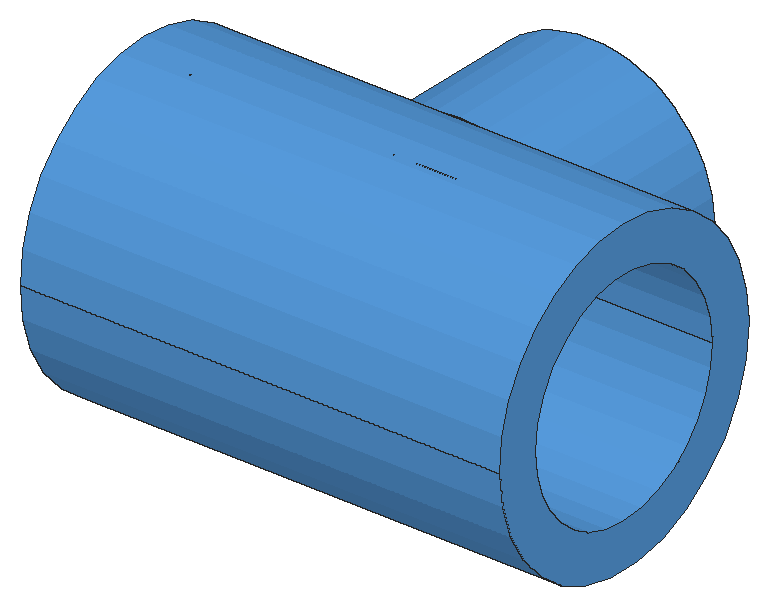
Revit family "BMP_PPR_ReducingTee", category Pipe Fittings, Revit 2024
Family settings
  Round Connector Dimension = Use Diameter
  Part Type = Tee
  Work Plane-Based = Yes
  Always vertical = No
  Cut with Voids When Loaded = No
  Shared = No
Parameters (values of type "25x20 mm")
  Default Elevation = 1219.2 mm
  BMP_Zero_mm = 0 mm  # constant formula
  BMP_Z_mm = 11 mm
  BMP_Z2_mm = 14 mm
  BMP_Void_Start_mm = -BMP_H_mm  # -27 mm
  BMP_Void_End_mm = BMP_H_mm  # 27 mm
  BMP_Void_Branch_Start_mm = 0 mm  # constant formula
  BMP_Void_Branch_End_mm = BMP_H2_mm  # 29 mm
  BMP_Parametric_Revision = "2.0"
  BMP_PN_bar = 20
  BMP_Manufacturer = "Binh Minh Plastics - independent catalogue-based BIM"
  BMP_Main_Start_mm = -BMP_H_mm  # -27 mm
  BMP_Main_End_mm = BMP_H_mm  # 27 mm
  BMP_L_mm = 54 mm
  BMP_H_mm = 27 mm
  BMP_H2_mm = 29 mm
  BMP_Geometry_Note = "Native parametric simplified fitting; editable type dimensions in millimeters."
  BMP_D_mm = 35 mm
  BMP_DN_mm = 25 mm
  BMP_DN2_mm = 20 mm
  BMP_D2_mm = 28 mm
  BMP_Catalogue_PDF_Page = "102"
  BMP_Branch_Ring_Start_mm = BMP_H2_mm - 3 mm  # 26 mm
  BMP_Branch_Ring_End_mm = BMP_H2_mm - 1 mm  # 28 mm
  BMP_Branch_End_mm = BMP_H2_mm  # 29 mm
  BMP_Bore_mm = 25 mm
  BMP_Bore2_mm = 20 mm
Types (15, lengths in mm): name | BMP_Z_mm | BMP_Z2_mm | BMP_Void_Start_mm | BMP_Void_End_mm | BMP_Void_Branch_End_mm | BMP_Main_Start_mm | BMP_Main_End_mm | BMP_L_mm | BMP_H_mm | BMP_H2_mm | BMP_D_mm | BMP_DN_mm | BMP_DN2_mm | BMP_D2_mm | BMP_Branch_Ring_Start_mm | BMP_Branch_Ring_End_mm | BMP_Branch_End_mm | BMP_Bore_mm | BMP_Bore2_mm
  25x20 mm | 11 | 14 | -27 | 27 | 29 | -27 | 27 | 54 | 27 | 29 | 35 | 25 | 20 | 28 | 26 | 28 | 29 | 25 | 20
  32x20 mm | 14 | 19 | -32 | 32 | 34 | -32 | 32 | 64 | 32 | 34 | 43 | 32 | 20 | 28 | 31 | 33 | 34 | 32 | 20
  32x25 mm | 16 | 19 | -34 | 34 | 35 | -34 | 34 | 68 | 34 | 35 | 43 | 32 | 25 | 35 | 32 | 34 | 35 | 32 | 25
  40x20 mm | 14 | 23 | -34 | 34 | 37 | -34 | 34 | 68 | 34 | 37 | 52 | 40 | 20 | 28 | 34 | 36 | 37 | 40 | 20
  40x25 mm | 16 | 23 | -36 | 36 | 39 | -36 | 36 | 72 | 36 | 39 | 52 | 40 | 25 | 35 | 36 | 38 | 39 | 40 | 25
  40x32 mm | 19 | 23 | -39 | 39 | 41 | -39 | 39 | 78 | 39 | 41 | 52 | 40 | 32 | 43 | 38 | 40 | 41 | 40 | 32
  50x20 mm | 15 | 29 | -39 | 39 | 44 | -39 | 39 | 78 | 39 | 44 | 64 | 50 | 20 | 28 | 41 | 43 | 44 | 50 | 20
  50x25 mm | 18 | 29 | -42 | 42 | 45 | -42 | 42 | 84 | 42 | 45 | 64 | 50 | 25 | 35 | 42 | 44 | 45 | 50 | 25
  50x32 mm | 21 | 29 | -44 | 44 | 47 | -44 | 44 | 88 | 44 | 47 | 64 | 50 | 32 | 43 | 44 | 46 | 47 | 50 | 32
  50x40 mm | 25 | 29 | -48 | 48 | 50 | -48 | 48 | 96 | 48 | 50 | 64 | 50 | 40 | 52 | 47 | 49 | 50 | 50 | 40
  63x20 mm | 16 | 36 | -43 | 43 | 50 | -43 | 43 | 86 | 43 | 50 | 82 | 63 | 20 | 28 | 47 | 49 | 50 | 63 | 20
  63x25 mm | 18 | 36 | -45 | 45 | 52 | -45 | 45 | 90 | 45 | 52 | 82 | 63 | 25 | 35 | 49 | 51 | 52 | 63 | 25
  63x32 mm | 21 | 36 | -48 | 48 | 54 | -48 | 48 | 96 | 48 | 54 | 82 | 63 | 32 | 43 | 51 | 53 | 54 | 63 | 32
  63x40 mm | 25 | 36 | -52 | 52 | 56 | -52 | 52 | 104 | 52 | 56 | 82 | 63 | 40 | 52 | 53 | 55 | 56 | 63 | 40
  63x50 mm | 29 | 36 | -57 | 57 | 59 | -57 | 57 | 114 | 57 | 59 | 82 | 63 | 50 | 64 | 56 | 58 | 59 | 63 | 50
Reference planes
  plane 1 "Center (Front/Back)": y = 0
  plane 2: z = 0
  plane 3 "Center (Left/Right)": x = 0
Forms (mm)
  Extrusion 1, solid, material "BMP_PPR", not visible
    sketch origin (0, 1, 0) x (0, 0, 1) y (1, 0, 0)
      loop
        circle (0, 0) r 14
    from 26 <- "BMP_Branch_Ring_Start_mm" to 28 <- "BMP_Branch_Ring_End_mm"
  Extrusion 2, solid, material "BMP_PPR"
    sketch origin (0, 0, 0) x (0, 1, 0) y (0, 0, 1)
      loop
        circle (0, 0) r 17.5
    from -27 <- "BMP_Main_Start_mm" to 27 <- "BMP_Main_End_mm"
  Extrusion 3, solid, material "BMP_PPR"
    sketch origin (0, 0, 0) x (0, 0, 1) y (1, 0, 0)
      loop
        circle (0, 0) r 14
    from 0 <- "BMP_Zero_mm" to 29 <- "BMP_Branch_End_mm"
  Extrusion 4, void
    sketch origin (0, 0, 0) x (0, 1, 0) y (0, 0, 1)
      loop
        circle (0, 0) r 12.5
    from -27 <- "BMP_Void_Start_mm" to 27 <- "BMP_Void_End_mm"
  Extrusion 5, void
    sketch origin (0, 0, 0) x (0, 0, 1) y (1, 0, 0)
      loop
        circle (0, 0) r 10
    from 0 <- "BMP_Void_Branch_Start_mm" to 29 <- "BMP_Void_Branch_End_mm"
Cuts and joins
  Extrusion 4, Extrusion 5 cuts Extrusion 2
  Extrusion 4, Extrusion 5 cuts Extrusion 3
  joined: Extrusion 2, Extrusion 3
Lines and regions (mm)
  reference lines, not visible
    curve 1: line (-3000, 1, 0) -> (3000, 1, 0)
    curve 2: line (0, 1, 3000) -> (0, 1, -3000)
    curve 3: line (0, -3000, 0) -> (0, 3000, 0)
    curve 4: line (0, 0, -3000) -> (0, 0, 3000)
    curve 5: line (0, 0, -3000) -> (0, 0, 3000)
    curve 6: line (-3000, 0, 0) -> (3000, 0, 0)
    curve 7: line (0, -3000, 0) -> (0, 3000, 0)
    curve 8: line (0, 0, -3000) -> (0, 0, 3000)
    curve 9: line (0, 0, -3000) -> (0, 0, 3000)
    curve 10: line (-3000, 0, 0) -> (3000, 0, 0)
Dimensions and locks
  "BMP_D2_mm": diameter of Extrusion 1 sketch curve  (x2)
  "BMP_D_mm": diameter of Extrusion 2 sketch curve  (x2)
  "BMP_D2_mm": diameter of Extrusion 3 sketch curve  (x2)
  "BMP_Bore_mm": diameter of Extrusion 4 sketch curve  (x2)
  "BMP_Bore2_mm": diameter of Extrusion 5 sketch curve  (x2)
  aligned and locked: level to plane 2
  aligned and locked: curve 1 to Extrusion 1 sketch curve
  aligned and locked: curve 2 to Extrusion 1 sketch curve
  aligned and locked: curve 3 to Extrusion 2 sketch curve
  aligned and locked: curve 4 to Extrusion 2 sketch curve
  aligned and locked: curve 5 to Extrusion 3 sketch curve
  aligned and locked: curve 6 to Extrusion 3 sketch curve
  aligned and locked: curve 7 to Extrusion 4 sketch curve
  aligned and locked: curve 8 to Extrusion 4 sketch curve
  aligned and locked: curve 9 to Extrusion 5 sketch curve
  aligned and locked: curve 10 to Extrusion 5 sketch curve
Automatic sketch dimensions
  curve 1 to level = 0 mm
  curve 1 to plane 3 "Center (Left/Right)" = 3000 mm
  plane 3 "Center (Left/Right)" to curve 1 = 3000 mm
  curve 2 to plane 3 "Center (Left/Right)" = 0 mm
  curve 2 to level = 3000 mm
  level to curve 2 = 3000 mm
  curve 3 to level = 0 mm
  plane 1 "Center (Front/Back)" to curve 3 = 3000 mm
  curve 3 to plane 1 "Center (Front/Back)" = 3000 mm
  curve 4 to plane 1 "Center (Front/Back)" = 0 mm
  curve 4 to level = 3000 mm
  level to curve 4 = 3000 mm
  curve 5 to plane 3 "Center (Left/Right)" = 0 mm
  curve 5 to level = 3000 mm
  level to curve 5 = 3000 mm
  curve 6 to level = 0 mm
  curve 6 to plane 3 "Center (Left/Right)" = 3000 mm
  plane 3 "Center (Left/Right)" to curve 6 = 3000 mm
  curve 7 to level = 0 mm
  curve 7 to curve 3 = 0 mm  (x2)
  curve 8 to plane 1 "Center (Front/Back)" = 0 mm
  curve 8 to curve 4 = 0 mm  (x2)
  curve 9 to plane 3 "Center (Left/Right)" = 0 mm
  curve 9 to curve 5 = 0 mm  (x2)
  curve 10 to level = 0 mm
  curve 10 to curve 6 = 0 mm  (x2)
Connectors
  piping at (-27, 0, 0), diameter 25, driven by "BMP_DN_mm"
    settings: on cut or joined group of Extrusion 2, Extrusion 3, Extrusion 4, Extrusion 5, index 1, connector inside diameter 609.6 mm, connector length 0 mm, flow factor 0, pipe flow 0.0 L/s, pressure drop 0.0 Pa, fitting loss kfactor 0, connector angle 0.00°, fixture units 0, engagement length 0 mm, angle of deflection 0.00°, flow configuration 0, flow direction 0, fitting loss method 0, system type 28, joint type 0, gender type 0, connector reference index 2, connector utility 0, adjustable connector no, is connector primary yes, connector description ""
  piping at (27, 0, 0), diameter 25, driven by "BMP_DN_mm"
    settings: on cut or joined group of Extrusion 2, Extrusion 3, Extrusion 4, Extrusion 5, index 2, connector inside diameter 609.6 mm, connector length 0 mm, flow factor 0, pipe flow 0.0 L/s, pressure drop 0.0 Pa, fitting loss kfactor 0, connector angle 0.00°, fixture units 0, engagement length 0 mm, angle of deflection 0.00°, flow configuration 0, flow direction 0, fitting loss method 0, system type 28, joint type 0, gender type 0, connector reference index 1, connector utility 0, adjustable connector no, is connector primary no, connector description ""
  piping at (0, 29, 0), diameter 20, driven by "BMP_DN2_mm"
    settings: on Extrusion 1, index 3, connector inside diameter 609.6 mm, connector length 0 mm, flow factor 0, pipe flow 0.0 L/s, pressure drop 0.0 Pa, fitting loss kfactor 0, connector angle 0.00°, fixture units 0, engagement length 0 mm, angle of deflection 0.00°, flow configuration 0, flow direction 0, fitting loss method 0, system type 28, joint type 0, gender type 0, connector reference index -1, connector utility 0, adjustable connector no, is connector primary no, connector description ""
